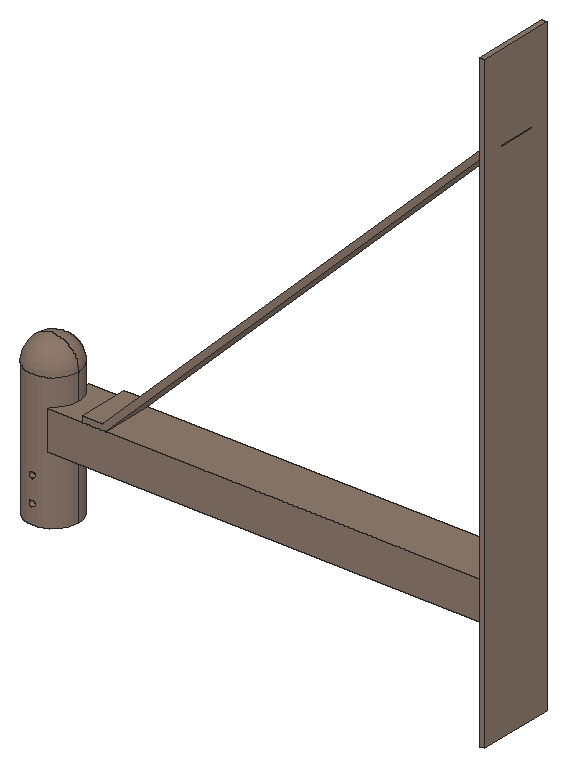
Revit family "WM320", category Generic Models, Revit 2014
Parameters
  WALL MOUNT = Bronze, Architectural
  COUPLING = Bronze, Architectural
  ARM = Bronze, Architectural
Reference planes (in)
  plane 1 "Center (Front/Back)": y = 0
  plane 2: z = 0
  plane 3 "Center (Left/Right)": x = 0
Forms (in)
  Extrusion 1, solid, material "Bronze, Architectural" <- "WALL MOUNT"
    sketch origin (0.66309, -9.50417, -21.73685) x (0, 1, 0) y (0, 0, 1)
      loop
        line (8.00417, 26.06487) -> (11.00417, 26.06487) -> (11.00417, 50.06487) -> (8.00417, 50.06487) -> (8.00417, 26.06487)
    from -0.84688 to -0.65888
  Extrusion 2, solid, material "Bronze, Architectural" <- "ARM"
    sketch origin (1.10187, 0, -18.8306) x (1, 0, 0) y (0, 0, 1)
      loop
        line (-18.50064, 27.15862) -> (-1.28566, 27.15862) -> (-1.28566, 28.65862) -> (-18.50064, 28.65862) -> (-18.50064, 27.15862)
    from -1 to 1
  Extrusion 3, solid, material "Bronze, Architectural" <- "ARM"
    sketch origin (1.10676, 0, -18.8306) x (1, 0, 0) y (0, 0, 1)
      loop
        line (-1.54054, 43.72716) -> (-16.35908, 28.90862) -> (-17.14409, 28.90862) -> (-17.14409, 28.65862) -> (-16.25553, 28.65862) -> (-1.29054, 43.62361) -> (-1.29054, 44.51217) -> (-1.54054, 44.51217) -> (-1.54054, 43.72716)
    from -1 to 1
  Revolve 4, solid, material "Bronze, Architectural" <- "COUPLING"
    sketch origin (1.10938, 0, 0) x (1, 0, 0) y (0, 0, 1)
      loop
        arc (-19.10393, 11.82803) -> (-19.81104, 11.53514) -> (-20.10393, 10.82803) r 1
        line (-20.10393, 10.82803) -> (-20.10393, 5.57803) -> (-19.10393, 5.57803) -> (-19.10393, 11.82803)
      axis (-19.10393, 5.57803) -> (-19.10393, 11.82803)
    angle from 0 to 360
  Revolve 5, void
    sketch origin (1.10938, 0, 0) x (1, 0, 0) y (0, 0, 1)
      loop
        line (-19.93393, 5.57803) -> (-19.10393, 5.57803) -> (-19.10393, 8.07803) -> (-19.93393, 8.07803) -> (-19.93393, 5.57803)
      axis (-19.10393, 8.07803) -> (-19.10393, 5.57803)
    angle from 0 to 360
  Extrusion 6, void
    sketch origin (1.10938, 0, 0) x (1, 0, 0) y (0, 0, 1)
      loop
        circle (-19.10393, 7.32803) r 0.125
      loop
        circle (-19.10393, 6.32803) r 0.125
    from -1.14007 to 1.20356
Cuts and joins
  Revolve 5, Extrusion 6 cuts Revolve 4
Dimensions and locks (in)
  aligned and locked: plane 2 to level
